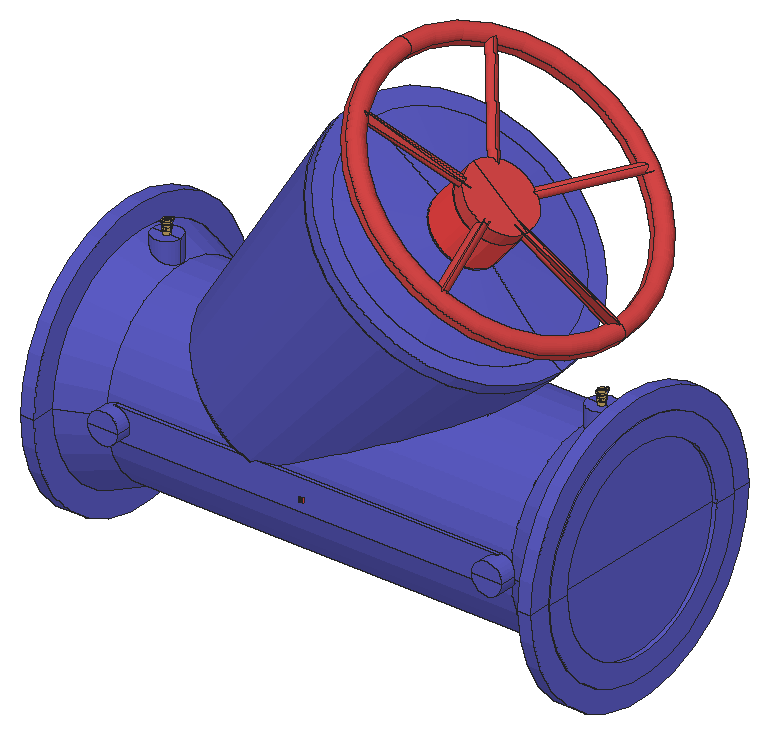
Revit family "HERZ Strömax Балансировочный клапан с измерительными клапанами, шпиндель наклонный 4218 GF PN16", category Rohrzubehör, Revit 2019
Family settings
  Bemaßung runder Anschluss = Durchmesser verwenden
  Teiletyp = Unterbricht
  OmniClass-Nummer = 23.65.55.14
  OmniClass-Titel = Valves for Liquid Services
  Arbeitsebenenbasiert = Nein
  Immer vertikal = Ja
  Beim Laden mit Abzugskörper schneiden = Nein
  Gemeinsam genutzt = Nein
Parameters
  Шпиндель = "нержавеющая сталь"  # constant formula
  Среда = "Допускается использование этилен- и пропиленгликоля в концентрации смеси 25-50% объема.\r\nКачество теплоносителя согласно ÖNORM H 5195 и VDI 2035."
  Область применения = "Для гидравлической балансировки в системах отопления или охлаждения, регулирования и перекрытия трубопроводов, стояков, теплообменников, тепловых и холодильных регистров."
  Номер заказа [instance] = size_lookup("4218_GF_16_", "Artnr", 0, Nennweite)  # 1421890
  Мин. рабочая температура = -10 °C  # constant formula
  Макс. рабочее давление = 1600000.0 Pa  # constant formula
  Макс. рабочая температура = 110 °C  # constant formula
  Корпус = "чугун с шаровидным графитом EN-GJS-400-15"  # constant formula
  Исполнение = "Балансировочный  клапан STRÖMAX-GF с измерительными клапанами, DN 350-500, корпус из чугуна с шаровидным графитом GJS 400-15 в соответствии с EN 1561, фланцы в соответствии с EN 1092, PN 16 или PN 25, покрыт синей эмалью.\r\nБукса из чугуна с шаровидным графитом GJS 400-15, с неподнимающимся шпинделем, уплотнение шпинделя с посощью тройных кольцевых уплотнений.\r\nЦифровой лимб указателя настройки."
  Измерение перепада давления = "Балансировочный клапан STRÖMAX GF оборудован двумя измерительными клапанами:\r\nпри использовании соответствующего измерительного прибора можно измерить перепад давления и благодаря этому можно соответственно определить расход."
  Букса = "чугун с шаровидным графитом EN-GJS-400-15"  # constant formula
  kvs-значения [instance] = if(Nennweite = 350.00 mm, 2917.6, if(Nennweite = 400.00 mm, 3854.8, if(Nennweite = 500.00 mm, 5250.6, 0)))  # 3854.8
  Счетное устройство = "пластмасса"  # constant formula
  W02 = 60.00°  # constant formula
  W01 = 50.00°  # constant formula
  Кегель клапана = "чугун с шаровидным графитом EN-GJS-400-15 согласно EN 1561 / EPDM с покрытием"  # constant formula
  S01 [instance] = Nennweite + 10.00 mm  # 410.00 mm
  Регулирующий шпиндель = "нержавеющая сталь"  # constant formula
  O-Ring = "EPDM"  # constant formula
  L04 [instance] = size_lookup("4218_GF_16_", "L4", 1.00 mm, Nennweite)  # 229.00 mm
  H11 = 85.00 mm  # constant formula
  H10 [instance] = H07 + H03  # 629.50 mm
  H08 = 47.00 mm  # constant formula
  H07 = 50.00 mm  # constant formula
  H06 = 27.00 mm  # constant formula
  H05 [instance] = H04 + 25.00 mm  # 516.00 mm
  H04 [instance] = size_lookup("4218_GF_16_", "H4", 1.00 mm, Nennweite)  # 491.00 mm
  H03 [instance] = size_lookup("4218_GF_16_", "H3", 1.00 mm, Nennweite)  # 579.50 mm
  Вес [instance] = if(Nennweite = 350.00 mm, "536.0 kg", if(Nennweite = 400.00 mm, "547.0 kg", if(Nennweite = 500.00 mm, "968.0 kg", "0")))  # "547.0 kg"
  URL = "www.herz-armaturen.ru"
  SCRNSEQ = "ARM;ARM_TYP=\"STRV\";2"
  SCRNCODE = "05;07;02"  # constant formula
  R02 [instance] = size_lookup("4218_GF_16_", "R2", 1.00 mm, Nennweite)  # 30.00 mm
  R01 [instance] = size_lookup("4218_GF_16_", "R1", 1.00 mm, Nennweite)  # 32.50 mm
  Nennweite [instance] = 400.00 mm
  L03 [instance] = size_lookup("4218_GF_16_", "L3", 1.00 mm, Nennweite)  # 465.00 mm
  L02 [instance] = size_lookup("4218_GF_16_", "L2", 1.00 mm, Nennweite)  # 410.00 mm
  L01 [instance] = size_lookup("4218_GF_16_", "L1", 1.00 mm, Nennweite)  # 432.50 mm
  L00 [instance] = size_lookup("4218_GF_16_", "L", 1.00 mm, Nennweite)  # 1100.00 mm
  Hersteller = "HERZ Armaturen Ges.m.b.H."  # constant formula
  H09 [instance] = H03  # 579.50 mm
  H02 [instance] = size_lookup("4218_GF_16_", "H2", 1.00 mm, Nennweite)  # 250.00 mm
  H01 [instance] = size_lookup("4218_GF_16_", "H1", 1.00 mm, Nennweite)  # 239.00 mm
  GT = 10.00 mm  # constant formula
  FLL02 [instance] = size_lookup("4218_GF_16_", "FLL2", 1.00 mm, Nennweite)  # 28.00 mm
  FLL01 [instance] = size_lookup("4218_GF_16_", "FLL1", 1.00 mm, Nennweite)  # 4.00 mm
  FLD03 [instance] = size_lookup("4218_GF_16_", "FLD3", 1.00 mm, Nennweite)  # 203.20 mm
  FLD02 [instance] = size_lookup("4218_GF_16_", "FLD2", 1.00 mm, Nennweite)  # 240.00 mm
  FLD01 [instance] = size_lookup("4218_GF_16_", "FLD1", 1.00 mm, Nennweite)  # 245.00 mm
  FLD00 [instance] = size_lookup("4218_GF_16_", "FLD", 1.00 mm, Nennweite)  # 290.00 mm
  DN500 [instance] = Nennweite = 500.00 mm  # no
  DN400 [instance] = Nennweite = 400.00 mm  # yes
  DN350 [instance] = Nennweite = 350.00 mm  # no
  D05 = 75.00 mm  # constant formula
  D04 [instance] = size_lookup("4218_GF_16_", "D4", 1.00 mm, Nennweite)  # 37.50 mm
  D03 [instance] = size_lookup("4218_GF_16_", "D3", 1.00 mm, Nennweite)  # 220.00 mm
  D02 [instance] = D03 - 20.00 mm  # 200.00 mm
  D01 [instance] = size_lookup("4218_GF_16_", "D1", 1.00 mm, Nennweite)  # 285.00 mm
  D00 [instance] = size_lookup("4218_GF_16_", "D", 1.00 mm, Nennweite)  # 218.00 mm
  BH02 [instance] = -BH01  # -32.50 mm
  BH01 [instance] = size_lookup("4218_GF_16_", "BH1", 1.00 mm, Nennweite)  # 32.50 mm
  Anschluss [instance] = Nennweite / 2  # 200.00 mm
Reference planes
  plane 1 "Mitte (Vorne/hinten)": y = 0
  plane 2: z = 0
  plane 3 "Mitte (Links/rechts)": x = 0
Forms (mm)
  Revolve 1, solid, material "Herz-Marineblau", detail levels fine
    sketch origin (1058.943, 0, 0) x (1, 0, 0) y (0, 1, 0)
      loop
        line (-1604.943, 290) -> (-1604.943, 245) -> (-1608.943, 245) -> (-1608.943, 200) -> (-1598.943, 200) -> (-1598.943, 0) -> (-518.943, 0) -> (-518.943, 200) -> (-508.943, 200) -> (-508.943, 245) -> (-512.943, 245) -> (-512.943, 290) -> (-540.943, 290) -> (-540.943, 240) -> (-626.443, 203.2)
        arc (-626.443, 203.2) -> (-1058.943, 218) -> (-1491.443, 203.2) r 6326.868
        line (-1491.443, 203.2) -> (-1576.943, 240) -> (-1576.943, 290) -> (-1604.943, 290)
      axis (-1608.943, 0) -> (-508.943, 0)
    angle from 0 to 360
  Revolve 2, solid, material "Herz-Marineblau", detail levels fine
    sketch origin (0, 0, 0) x (1, 0, 0) y (0, 1, 0)
      loop
        line (-410, 239) -> (-442.5, 239) -> (-442.5, -239) -> (-410, -239) -> (-410, 239)
      axis (-410, 239) -> (-410, -239)
    angle from 0 to 360
  Revolve 3, solid, material "Herz-Marineblau", detail levels fine
    sketch origin (0, 0, 0) x (-1, 0, 0) y (0, 1, 0)
      loop
        line (-410, 239) -> (-442.5, 239) -> (-442.5, -239) -> (-410, -239) -> (-410, 239)
      axis (-410, 239) -> (-410, -239)
    angle from 0 to 360
  Revolve 4, solid, material "Herz-Marineblau", detail levels fine
    sketch origin (0, 0, 0) x (1, 0, 0) y (0, 0, 1)
      loop
        line (-465, 0) -> (-465, 250) -> (-495, 250) -> (-495, 0) -> (-465, 0)
      axis (-465, 250) -> (-465, 0)
    angle from 0 to 360
  Revolve 5, solid, material "Herz-Marineblau", detail levels fine
    sketch origin (0, 0, 0) x (-1, 0, 0) y (0, 0, 1)
      loop
        line (-465, 0) -> (-465, 250) -> (-495, 250) -> (-495, 0) -> (-465, 0)
      axis (-465, 250) -> (-465, 0)
    angle from 0 to 360
  Extrusion 6, solid, material "Herz-Marineblau", visible <- "DN500", detail levels fine
    sketch origin (0, 0, 0) x (1, 0, 0) y (0, 1, 0)
      loop
        arc (-475, -263.998) -> (0, -282.994) -> (475, -263.998) r 5948.094
        line (475, -263.998) -> (475, 263.998)
        arc (475, 263.998) -> (0, 282.994) -> (-475, 263.998) r 5948.094
        line (-475, 263.998) -> (-475, -263.998)
    from -32.5 <- "BH02" to 32.5 <- "BH01"
  Extrusion 7, solid, material "Herz-Marineblau", visible <- "DN400", detail levels fine
    sketch origin (0, 0, 0) x (1, 0, 0) y (0, 1, 0)
      loop
        arc (-410, -209.712) -> (0, -223.005) -> (410, -209.712) r 6329.849
        line (410, -209.712) -> (410, 209.712)
        arc (410, 209.712) -> (0, 223.005) -> (-410, 209.712) r 6329.849
        line (-410, 209.712) -> (-410, -209.712)
    from -32.5 <- "BH02" to 32.5 <- "BH01"
  Extrusion 8, solid, material "Herz-Marineblau", visible <- "DN350", detail levels fine
    sketch origin (0, 0, 0) x (1, 0, 0) y (0, 1, 0)
      loop
        arc (-390, -185.916) -> (0, -255.071) -> (390, -185.916) r 1134.286
        line (390, -185.916) -> (390, 185.916)
        arc (390, 185.916) -> (0, 255.071) -> (-390, 185.916) r 1134.286
        line (-390, 185.916) -> (-390, -185.916)
    from -32.5 <- "BH02" to 32.5 <- "BH01"
  Revolve 9, solid, material "Herz-Marineblau", detail levels fine
    sketch origin (0, 0, 0) x (1, 0, 0) y (0, 0, 1)
      loop
        line (-229, 0) -> (143.495, 443.923) -> (-74.827, 627.117) -> (-340.643, 209.208) -> (-341.392, 177.201) -> (-229, 0)
      axis (-229, 0) -> (143.495, 443.923)
    angle from 0 to 360
  Revolve 10, solid, material "Herz-Marineblau", detail levels fine
    sketch origin (0, 0, 0) x (1, 0, 0) y (0, 0, 1)
      loop
        line (143.495, 443.923) -> (175.635, 482.225) -> (118.181, 530.434) -> (116.253, 528.136)
        arc (116.253, 528.136) -> (45.842, 579.084) -> (-28.745, 623.696) r 995.411
        line (-28.745, 623.696) -> (-57.472, 647.8) -> (-74.827, 627.117) -> (143.495, 443.923)
      axis (175.635, 482.225) -> (143.495, 443.923)
    angle from 0 to 360
  Revolve 11, solid, material "Kunsstoff rot", detail levels fine
    sketch origin (0, 0, 0) x (1, 0, 0) y (0, 0, 1)
      loop
        line (175.635, 482.225) -> (230.272, 547.339) -> (172.818, 595.548) -> (118.181, 530.434) -> (175.635, 482.225)
      axis (230.272, 547.339) -> (175.635, 482.225)
    angle from 0 to 360
Lines and regions (mm)
  model lines, detail levels coarse+medium
    curve 1: line (-550, 0, 290) -> (-550, 0, -290)
    curve 2: line (-550, 0, -290) -> (550, 0, 290)
    curve 3: line (550, 0, 290) -> (550, 0, -290)
    curve 4: line (550, 0, -290) -> (-550, 0, 290)
    curve 5: line (0, 0, 0) -> (334.574, 0, 579.5)
    curve 6: line (157.039, 0, 682) -> (512.11, 0, 477)
    curve 7: line (-550, 290, 0) -> (-550, -290, 0)
    curve 8: line (-550, -290, 0) -> (550, 290, 0)
    curve 9: line (550, 290, 0) -> (550, -290, 0)
    curve 10: line (550, -290, 0) -> (-550, 290, 0)
    curve 11: line (0, 0, 0) -> (334.574, 579.5, 0)
    curve 12: line (157.039, 682, 0) -> (512.11, 477, 0)
Dimensions and locks
  "FLD00": plane 1 "Mitte (Vorne/hinten)" to Revolve 1 sketch curve
  "FLD01": plane 1 "Mitte (Vorne/hinten)" to Revolve 1 sketch curve
  "FLD02": plane 1 "Mitte (Vorne/hinten)" to Revolve 1 sketch curve  (x2)
  "FLD03": plane 1 "Mitte (Vorne/hinten)" to Revolve 1 sketch curve  (x2)
  "GT": Revolve 1 sketch curve to Revolve 1 sketch curve  (x2)
  "FLL01": Revolve 1 sketch curve to Revolve 1 sketch curve  (x2)
  "FLL02": Revolve 1 sketch curve to Revolve 1 sketch curve  (x2)
  equal spacing: Revolve 1 sketch curve, plane 3 "Mitte (Links/rechts)", Revolve 1 sketch curve
  "Anschluss": Revolve 1 sketch curve to plane 1 "Mitte (Vorne/hinten)"
  "Anschluss": plane 1 "Mitte (Vorne/hinten)" to Revolve 1 sketch curve
  "FLD01": Revolve 1 sketch curve to plane 1 "Mitte (Vorne/hinten)"
  "FLD00": Revolve 1 sketch curve to plane 1 "Mitte (Vorne/hinten)"
  "L00": Revolve 1 sketch curve to Revolve 1 sketch curve
  "D00": plane 1 "Mitte (Vorne/hinten)" to Revolve 1 sketch curve
  "L01": Revolve 1 sketch curve to plane 3 "Mitte (Links/rechts)" to Revolve 1 sketch curve
  "L02": Revolve 2 sketch curve to plane 3 "Mitte (Links/rechts)"
  "R01": Revolve 2 sketch curve to Revolve 2 sketch curve
  "H01": Revolve 2 sketch curve to plane 1 "Mitte (Vorne/hinten)" to Revolve 2 sketch curve
  "L02": plane 3 "Mitte (Links/rechts)" to Revolve 3 sketch curve
  "R01": Revolve 3 sketch curve to Revolve 3 sketch curve
  "H01": Revolve 3 sketch curve to plane 1 "Mitte (Vorne/hinten)" to Revolve 3 sketch curve
  "L03": plane 3 "Mitte (Links/rechts)" to Revolve 4 sketch curve
  "R02": Revolve 4 sketch curve to Revolve 4 sketch curve
  "H02": Revolve 4 sketch curve to plane 2
  "R02": Revolve 5 sketch curve to Revolve 5 sketch curve
  "L03": Revolve 5 sketch curve to plane 3 "Mitte (Links/rechts)"
  "H02": Revolve 5 sketch curve to plane 2
  "L03": plane 3 "Mitte (Links/rechts)" to nested 1
  "L03": nested 2 to plane 3 "Mitte (Links/rechts)"
  "H02": nested 1 to plane 2
  "H02": nested 2 to plane 2
  "FLD00": curve 4 to plane 2 to curve 2
  "FLD00": curve 3 to plane 2 to curve 4
  equal spacing: curve 1, plane 3 "Mitte (Links/rechts)", curve 3
  "L00": curve 1 to curve 3
  "H09": curve 5 to plane 2
  equal spacing: curve 1, curve 5, curve 3
  equal spacing: curve 6, curve 5, curve 6
  "S01": curve 6 to curve 6
  "FLD00": curve 8 to plane 1 "Mitte (Vorne/hinten)" to curve 10
  "FLD00": curve 10 to plane 1 "Mitte (Vorne/hinten)" to curve 9
  equal spacing: curve 7, plane 3 "Mitte (Links/rechts)", curve 9
  "L00": curve 7 to curve 9
  equal spacing: curve 7, curve 11, curve 9
  "H09": plane 1 "Mitte (Vorne/hinten)" to curve 11
  equal spacing: curve 12, curve 11, curve 12
  "S01": curve 12 to curve 12
  "L04": plane 3 "Mitte (Links/rechts)" to Revolve 9 sketch curve  (x2)
  "H03": Revolve 9 sketch curve to Revolve 9 sketch curve
  "D02": Revolve 9 sketch curve to Revolve 9 sketch curve
  "H05": Revolve 9 sketch curve to Revolve 9 sketch curve
  "H04": Revolve 9 sketch curve to Revolve 9 sketch curve
  "D03": Revolve 9 sketch curve to Revolve 9 sketch curve
  "H03": Revolve 10 sketch curve to Revolve 10 sketch curve
  "D01": Revolve 10 sketch curve to Revolve 10 sketch curve  (x2)
  "D04": Revolve 10 sketch curve to Revolve 10 sketch curve
  "D05": Revolve 10 sketch curve to Revolve 10 sketch curve
  "H06": Revolve 9 to Revolve 10 sketch curve
  "H07": Revolve 9 to Revolve 10 sketch curve
  "H08": Revolve 9 to Revolve 10 sketch curve
  "L04": plane 3 "Mitte (Links/rechts)" to Revolve 10 sketch curve
  "D01": Revolve 9 sketch curve to Revolve 9 sketch curve
  "L04": plane 3 "Mitte (Links/rechts)" to Revolve 11 sketch curve
  "H11": Revolve 10 to Revolve 11 sketch curve
  "D05": Revolve 11 sketch curve to Revolve 11 sketch curve  (x2)
  "H10": Revolve 11 sketch curve to Revolve 11 sketch curve
  "W02": angle plane 2 to curve 5
  "W02": angle plane 1 "Mitte (Vorne/hinten)" to curve 11
  "W01": angle plane 2 to Revolve 9 sketch curve  (x2)
  "W01": angle plane 2 to Revolve 10 sketch curve  (x2)
  "W01": angle plane 2 to Revolve 11 sketch curve  (x2)
  aligned and locked: level to plane 2
Automatic sketch dimensions
  Extrusion 6 sketch curve to plane 3 "Mitte (Links/rechts)" = 0.00 mm  (x2)
  plane 1 "Mitte (Vorne/hinten)" to Extrusion 6 sketch curve = 263.998 mm
  Extrusion 6 sketch curve to plane 3 "Mitte (Links/rechts)" = 475.00 mm
  Extrusion 6 sketch curve to Extrusion 6 sketch curve = 5401.102 mm
  Extrusion 6 sketch curve to plane 1 "Mitte (Vorne/hinten)" = 5665.10 mm
  Extrusion 6 sketch curve to plane 1 "Mitte (Vorne/hinten)" = 263.998 mm  (x2)
  Extrusion 7 sketch curve to plane 3 "Mitte (Links/rechts)" = 0.00 mm  (x2)
  plane 1 "Mitte (Vorne/hinten)" to Extrusion 7 sketch curve = 209.712 mm  (x2)
  Extrusion 7 sketch curve to plane 3 "Mitte (Links/rechts)" = 410.00 mm
  Extrusion 7 sketch curve to Extrusion 7 sketch curve = 5897.131 mm
  Extrusion 7 sketch curve to plane 1 "Mitte (Vorne/hinten)" = 6106.844 mm
  Extrusion 7 sketch curve to plane 1 "Mitte (Vorne/hinten)" = 209.712 mm
  Extrusion 8 sketch curve to plane 3 "Mitte (Links/rechts)" = 0.00 mm  (x2)
  plane 1 "Mitte (Vorne/hinten)" to Extrusion 8 sketch curve = 185.916 mm
  Extrusion 8 sketch curve to plane 3 "Mitte (Links/rechts)" = 390.00 mm
  Extrusion 8 sketch curve to Extrusion 8 sketch curve = 693.298 mm
  Extrusion 8 sketch curve to plane 1 "Mitte (Vorne/hinten)" = 879.214 mm
  Extrusion 8 sketch curve to plane 1 "Mitte (Vorne/hinten)" = 185.916 mm  (x2)
  plane 1 "Mitte (Vorne/hinten)" to Revolve 1 sketch curve = 0.00 mm  (x2)
  Revolve 1 sketch curve to Revolve 1 sketch curve = 35.00 mm
  Revolve 1 sketch curve to Revolve 1 sketch curve = 40.00 mm
  Revolve 2 sketch curve to Revolve 2 sketch curve = 0.00 mm  (x3)
  Revolve 3 sketch curve to Revolve 3 sketch curve = 0.00 mm  (x3)
  Revolve 4 sketch curve to level = 0.00 mm  (x2)
  Revolve 4 sketch curve to Revolve 4 sketch curve = 0.00 mm  (x2)
  Revolve 5 sketch curve to level = 0.00 mm  (x2)
  Revolve 5 sketch curve to Revolve 5 sketch curve = 0.00 mm  (x2)
  Revolve 9 sketch curve to level = 0.00 mm  (x2)
  Revolve 10 sketch curve to level = 0.00 mm
  Revolve 10 sketch curve to level = 252.062 mm
  Revolve 11 sketch curve to level = 0.00 mm
Nested families
  nested 1: "Messstutzen_Band_Eintritt_senkrecht_(oben)" at (-465, 0, 241), type "Messstutzen_Band_Eintritt_senkrecht_(oben)", detail levels fine
    with Schutzkappe yes, Nennweite 0.00 mm, Gewicht 0.00 kg, Bestellnummer 0
  nested 2: "Messstutzen_Band_Austritt_senkrecht_(oben)" at (465, 0, 241), type "Messstutzen_Band_Austritt_senkrecht_(oben)", detail levels fine
    with Schutzkappe yes, Nennweite 0.00 mm, Gewicht 0.00 kg, Bestellnummer 0
  nested 3: "Herz-Logo-vorne" at (0, -282.994, 0) x (0, 1, 0) z (0, 0, 1), visible <- "DN500", type "Herz-Logo-vorne", detail levels fine
  nested 4: "Herz-Logo-vorne" at (0, -221.503, 0) x (0, 1, 0) z (0, 0, 1), visible <- "DN400", type "Herz-Logo-vorne", detail levels fine
  nested 5: "Herz-Logo-vorne" at (0, -255.053, 0) x (0, 1, 0) z (0, 0, 1), visible <- "DN350", type "Herz-Logo-vorne", detail levels fine
  nested 6: "Strangregulierventil-Handrad_VOLL-Schräg (Rot) DN350-DN400" at (211.704, 0, 501.376), visible <- "DN350", type "Strangregulierventil-Handrad_VOLL-Schräg (Rot) DN350-DN400"
    with DN300 yes
  nested 7: "Strangregulierventil-Handrad_VOLL-Schräg (Rot) DN350-DN400" at (230.272, 0, 547.339), visible <- "DN400", type "Strangregulierventil-Handrad_VOLL-Schräg (Rot) DN350-DN400"
    with DN300 yes
  nested 8: "Strangregulierventil-Handrad_VOLL-Schräg (Rot) DN500" at (262.637, 0, 616.896), visible <- "DN500", type "Strangregulierventil-Handrad_VOLL-Schräg (Rot) DN500", detail levels fine
    with DN300 yes
Connectors
  piping at (-550, 0, 0), diameter 400, driven by "Nennweite"
    settings: on Revolve 1, index 1, connector inside diameter 609.6 mm, connector length 0.00 mm, flow factor 0, pipe flow 0.0 L/s, pressure drop 0.0 Pa, fitting loss kfactor 0, connector angle 0.00°, fixture units 0, engagement length 0.00 mm, angle of deflection 0.00°, flow configuration 0, flow direction 1, fitting loss method 0, system type 29, joint type 0, gender type 0, connector reference index -1, connector utility 0, adjustable connector no, is connector primary yes, connector description ""
  piping at (550, 0, 0), diameter 400, driven by "Nennweite"
    settings: on Revolve 1, index 2, connector inside diameter 609.6 mm, connector length 0.00 mm, flow factor 0, pipe flow 0.0 L/s, pressure drop 0.0 Pa, fitting loss kfactor 0, connector angle 0.00°, fixture units 0, engagement length 0.00 mm, angle of deflection 0.00°, flow configuration 0, flow direction 2, fitting loss method 0, system type 29, joint type 0, gender type 0, connector reference index -1, connector utility 0, adjustable connector no, is connector primary no, connector description ""
Definition of nested family "Messstutzen_Band_Eintritt_senkrecht_(oben)"
  Parameters (values of type "Messstutzen_Band_Eintritt_senkrecht_(oben)")
    URL = "www.herz-armaturen.at"
    Schutzkappe [instance] = yes
    Nennweite [instance] = 0.00 mm
    Manufacturer = "Herz Armaturen GmbH"  # constant formula
    Gewicht [instance] = 0.00 kg
    Bestellnummer [instance] = 0
  Reference planes
    plane 1 "Mitte (Vorne/hinten)": y = 0
    plane 2: z = 0
    plane 3 "Mitte (Links/rechts)": x = 0
    plane 4 "Schlaufe 1": z = -27
    plane 5 "Schlaufe 2": z = -31.678
  Forms (mm)
    Revolve 1, solid, detail levels fine
      sketch origin (0, 0, 0) x (1, 0, 0) y (0, 0, 1)
        loop
          line (-7.4, 9) -> (-5.55, 9) -> (-5.55, 6)
          arc (-5.55, 6) -> (-5.626, 5.617) -> (-5.843, 5.293) r 1
          line (-5.843, 5.293) -> (-6.455, 4.681) -> (-6.455, 0.9) -> (-5.555, 0) -> (-2, 0) -> (-2, 17.5) -> (-8.4, 17.5)
          arc (-8.4, 17.5) -> (-7.693, 17.207) -> (-7.4, 16.5) r 1
          line (-7.4, 16.5) -> (-7.4, 9)
        loop
          line (-3.7, 27) -> (-7.3, 27) -> (-7.9, 26.4) -> (-7.9, 23) -> (-2, 23) -> (-2, 35.8) -> (-3.805, 35.8) -> (-4.415, 35.19) -> (-4.415, 30.863) -> (-3.7, 30.45) -> (-3.7, 27)
        axis (0, 0) -> (0, 35.8)
      angle from 0 to 360
    Extrusion 2, solid, detail levels fine
      sketch origin (0, 0, 17.5) x (0, 1, 0) y (-1, 0, 0)
        loop
          arc (-7.07, 5.156) -> (-7.578, 4.375) -> (-8, 3.544) r 8.75
          line (-8, 3.544) -> (-8, -3.544)
          arc (-8, -3.544) -> (-7.578, -4.375) -> (-7.07, -5.156) r 8.75
          line (-7.07, -5.156) -> (-0.93, -8.7)
          arc (-0.93, -8.7) -> (0, -8.75) -> (0.93, -8.7) r 8.75
          line (0.93, -8.7) -> (7.07, -5.156)
          arc (7.07, -5.156) -> (7.578, -4.375) -> (8, -3.544) r 8.75
          line (8, -3.544) -> (8, 3.544)
          arc (8, 3.544) -> (7.578, 4.375) -> (7.07, 5.156) r 8.75
          line (7.07, 5.156) -> (0.93, 8.7)
          arc (0.93, 8.7) -> (0, 8.75) -> (-0.93, 8.7) r 8.75
          line (-0.93, 8.7) -> (-7.07, 5.156)
      from 0 to 5.5
    Revolve 3, solid, visible <- "Schutzkappe", detail levels fine
      sketch origin (0, 0, 0) x (1, 0, 0) y (0, 0, 1)
        loop
          line (0, 35.878) -> (0, 36.678) -> (-7, 36.678) -> (-7, 33.378) -> (-6.1, 33.378) -> (-6.1, 31.678) -> (-6.9, 31.678) -> (-6.9, 30.178) -> (-4.415, 30.178) -> (-4.415, 35.268) -> (-3.805, 35.878) -> (0, 35.878)
        axis (0, 30.178) -> (0, 36.678)
      angle from 0 to 360
    Extrusion 4, solid, detail levels fine
      sketch origin (0, 0, 28.5) x (1, 0, 0) y (0, 1, 0)
        loop
          circle (0, 0) r 3.7
        loop
          arc (-3.906, 5.505) -> (0, -6.75) -> (3.906, 5.505) r 6.75
          arc (3.906, 5.505) -> (2.358, 7.288) -> (1.8, 9.582) r 5
          line (1.8, 9.582) -> (-1.8, 9.582)
          arc (-1.8, 9.582) -> (-2.358, 7.288) -> (-3.906, 5.505) r 5
      from 0 to -1.5
    Extrusion 5, solid, detail levels fine
      sketch origin (0, 0, 33.178) x (1, 0, 0) y (0, 1, 0)
        loop
          circle (0, 0) r 6.1
        loop
          arc (-4.495, 8.652) -> (0, -9.75) -> (4.495, 8.652) r 9.75
          arc (4.495, 8.652) -> (2.527, 10.493) -> (1.8, 13.089) r 5
          line (1.8, 13.089) -> (-1.8, 13.089)
          arc (-1.8, 13.089) -> (-2.527, 10.493) -> (-4.495, 8.652) r 5
      from 0 to -1.5
    Sweep 6, solid, detail levels fine
      path origin (0, 0, 0) x (0, 0, -1) y (0, -1, 0)
        loop
          line (-27.75, -9.582) -> (-27.75, -14.522)
          arc (-27.75, -14.522) -> (-30.089, -16.862) -> (-32.428, -14.522) r 2.339
          line (-32.428, -14.522) -> (-32.428, -13.089)
      profile origin (0, 12.052, 27.75) x (0, 0, 1) y (1, 0, 0)
        loop
          line (-0.75, -1.8) -> (0.75, -1.8) -> (0.75, 1.8) -> (-0.75, 1.8) -> (-0.75, -1.8)
  Dimensions and locks
    aligned and locked: level to plane 2
Definition of nested family "Messstutzen_Band_Austritt_senkrecht_(oben)"
  Parameters (values of type "Messstutzen_Band_Austritt_senkrecht_(oben)")
    URL = "www.herz-armaturen.at"
    Schutzkappe [instance] = yes
    Nennweite [instance] = 0.00 mm
    Manufacturer = "Herz Armaturen GmbH"  # constant formula
    Gewicht [instance] = 0.00 kg
    Bestellnummer [instance] = 0
  Reference planes
    plane 1 "Mitte (Vorne/hinten)": y = 0
    plane 2: z = 0
    plane 3 "Mitte (Links/rechts)": x = 0
    plane 4 "Schlaufe 1": z = -27
    plane 5 "Schlaufe 2": z = -31.678
  Forms (mm)
    Revolve 1, solid, detail levels fine
      sketch origin (0, 0, 0) x (1, 0, 0) y (0, 0, 1)
        loop
          line (-7.4, 9) -> (-5.55, 9) -> (-5.55, 6)
          arc (-5.55, 6) -> (-5.626, 5.617) -> (-5.843, 5.293) r 1
          line (-5.843, 5.293) -> (-6.455, 4.681) -> (-6.455, 0.9) -> (-5.555, 0) -> (-2, 0) -> (-2, 17.5) -> (-8.4, 17.5)
          arc (-8.4, 17.5) -> (-7.693, 17.207) -> (-7.4, 16.5) r 1
          line (-7.4, 16.5) -> (-7.4, 9)
        loop
          line (-3.7, 27) -> (-7.3, 27) -> (-7.9, 26.4) -> (-7.9, 23) -> (-2, 23) -> (-2, 35.8) -> (-3.805, 35.8) -> (-4.415, 35.19) -> (-4.415, 30.863) -> (-3.7, 30.45) -> (-3.7, 27)
        axis (0, 0) -> (0, 35.8)
      angle from 0 to 360
    Extrusion 2, solid, detail levels fine
      sketch origin (0, 0, 17.5) x (0, 1, 0) y (-1, 0, 0)
        loop
          arc (-7.07, 5.156) -> (-7.578, 4.375) -> (-8, 3.544) r 8.75
          line (-8, 3.544) -> (-8, -3.544)
          arc (-8, -3.544) -> (-7.578, -4.375) -> (-7.07, -5.156) r 8.75
          line (-7.07, -5.156) -> (-0.93, -8.7)
          arc (-0.93, -8.7) -> (0, -8.75) -> (0.93, -8.7) r 8.75
          line (0.93, -8.7) -> (7.07, -5.156)
          arc (7.07, -5.156) -> (7.578, -4.375) -> (8, -3.544) r 8.75
          line (8, -3.544) -> (8, 3.544)
          arc (8, 3.544) -> (7.578, 4.375) -> (7.07, 5.156) r 8.75
          line (7.07, 5.156) -> (0.93, 8.7)
          arc (0.93, 8.7) -> (0, 8.75) -> (-0.93, 8.7) r 8.75
          line (-0.93, 8.7) -> (-7.07, 5.156)
      from 0 to 5.5
    Revolve 3, solid, visible <- "Schutzkappe", detail levels fine
      sketch origin (0, 0, 0) x (1, 0, 0) y (0, 0, 1)
        loop
          line (0, 35.878) -> (0, 36.678) -> (-7, 36.678) -> (-7, 33.378) -> (-6.1, 33.378) -> (-6.1, 31.678) -> (-6.9, 31.678) -> (-6.9, 30.178) -> (-4.415, 30.178) -> (-4.415, 35.268) -> (-3.805, 35.878) -> (0, 35.878)
        axis (0, 30.178) -> (0, 36.678)
      angle from 0 to 360
    Extrusion 4, solid, detail levels fine
      sketch origin (0, 0, 28.5) x (1, 0, 0) y (0, 1, 0)
        loop
          circle (0, 0) r 3.7
        loop
          arc (-3.906, 5.505) -> (0, -6.75) -> (3.906, 5.505) r 6.75
          arc (3.906, 5.505) -> (2.358, 7.288) -> (1.8, 9.582) r 5
          line (1.8, 9.582) -> (-1.8, 9.582)
          arc (-1.8, 9.582) -> (-2.358, 7.288) -> (-3.906, 5.505) r 5
      from 0 to -1.5
    Extrusion 5, solid, detail levels fine
      sketch origin (0, 0, 33.178) x (1, 0, 0) y (0, 1, 0)
        loop
          circle (0, 0) r 6.1
        loop
          arc (-4.495, 8.652) -> (0, -9.75) -> (4.495, 8.652) r 9.75
          arc (4.495, 8.652) -> (2.527, 10.493) -> (1.8, 13.089) r 5
          line (1.8, 13.089) -> (-1.8, 13.089)
          arc (-1.8, 13.089) -> (-2.527, 10.493) -> (-4.495, 8.652) r 5
      from 0 to -1.5
    Sweep 6, solid, detail levels fine
      path origin (0, 0, 0) x (0, 0, -1) y (0, -1, 0)
        loop
          line (-27.75, -9.582) -> (-27.75, -14.522)
          arc (-27.75, -14.522) -> (-30.089, -16.862) -> (-32.428, -14.522) r 2.339
          line (-32.428, -14.522) -> (-32.428, -13.089)
      profile origin (0, 12.052, 27.75) x (0, 0, 1) y (1, 0, 0)
        loop
          line (-0.75, -1.8) -> (0.75, -1.8) -> (0.75, 1.8) -> (-0.75, 1.8) -> (-0.75, -1.8)
  Dimensions and locks
    aligned and locked: level to plane 2
Definition of nested family "Herz-Logo-vorne"
  Reference planes
    plane 1 "Mitte (Vorne/hinten)": y = 0
    plane 2: z = 0
    plane 3 "Mitte (Links/rechts)": x = 0
  Forms (mm)
    Extrusion 1, solid
      sketch origin (0.732, -0.018, 0.017) x (0, -1, 0) y (0, 0, 1)
        loop
          line (-0.018, -4.517) -> (4.482, -4.517) -> (4.482, 4.483) -> (-4.518, 4.483) -> (-4.518, -4.517) -> (-0.018, -4.517)
        loop
          line (-0.05, -3.48) -> (3.482, -3.48) -> (3.482, 3.483) -> (-3.518, 3.483) -> (-3.518, -3.48) -> (-0.05, -3.48)
        loop
          arc (-0.018, 2.383) -> (-1.543, 3.287) -> (-3.067, 2.383) r 1.738
          arc (-3.067, 2.383) -> (-3.191, 1.899) -> (-3.067, 1.415) r 1.009
          line (-3.067, 1.415) -> (-0.018, -3.281) -> (3.032, 1.415)
          arc (3.032, 1.415) -> (3.156, 1.899) -> (3.032, 2.383) r 1.009
          arc (3.032, 2.383) -> (1.507, 3.287) -> (-0.018, 2.383) r 1.738
        loop
          arc (1.885, 1.272) -> (2.005, 1.675) -> (1.885, 2.079) r 0.74
          arc (1.885, 2.079) -> (1.265, 2.416) -> (0.644, 2.079) r 0.74
          line (0.644, 2.079) -> (-0.018, 0.97) -> (-0.679, 2.079)
          arc (-0.679, 2.079) -> (-1.3, 2.416) -> (-1.921, 2.079) r 0.74
          arc (-1.921, 2.079) -> (-2.04, 1.675) -> (-1.921, 1.272) r 0.74
          line (-1.921, 1.272) -> (-0.018, -1.658) -> (1.885, 1.272)
      from 0 to 1.5
  Dimensions and locks
    aligned and locked: level to plane 2
Definition of nested family "Strangregulierventil-Handrad_VOLL-Schräg (Rot) DN350-DN400"
  Parameters (values of type "Strangregulierventil-Handrad_VOLL-Schräg (Rot) DN350-DN400")
    DN300 [instance] = yes
  Reference planes
    plane 1 "Mitte (Vorne/hinten)": y = 0
    plane 2: z = 0
    plane 3 "Mitte (Links/rechts)": x = 0
  Forms (mm)
    Revolve 1, solid, detail levels fine
      sketch origin (0, 0, 0) x (0.766044, 0, -0.642788) y (0.642788, 0, 0.766044)
        loop
          line (0, 0) -> (0, 30) -> (-75, 30) -> (-75, 0) -> (0, 0)
        loop
          line (-316.85, 58.85) -> (-316.85, 42.85) -> (-280.85, 42.85) -> (-280.85, 58.85)
          arc (-280.85, 58.85) -> (-298.85, 76.85) -> (-316.85, 58.85) r 18
        axis (0, 58.85) -> (0, 0)
      angle from 0 to 360
    Revolve 2, solid, detail levels fine
      sketch origin (0, 0, 0) x (0.766044, 0, -0.642788) y (0.642788, 0, 0.766044)
        loop
          line (299.245, 74.817) -> (49.107, 26.195) -> (50.831, 16.343) -> (301.153, 65.001) -> (299.245, 74.817)
        axis (50.832, 16.338) -> (301.154, 64.996)
      angle from 0 to 360
    Revolve 3, solid, detail levels fine
      sketch origin (0, 0, 0) x (0.236721, 0.951057, -0.198632) y (0.642788, 0, 0.766044)
        loop
          line (299.245, 74.817) -> (49.107, 26.195) -> (50.831, 16.343) -> (301.153, 65.001) -> (299.245, 74.817)
        axis (50.832, 16.338) -> (301.154, 64.996)
      angle from 0 to 360
    Revolve 4, solid, detail levels fine
      sketch origin (0, 0, 0) x (-0.619743, 0.587785, 0.520026) y (0.642788, 0, 0.766044)
        loop
          line (299.245, 74.817) -> (49.107, 26.195) -> (50.831, 16.343) -> (301.153, 65.001) -> (299.245, 74.817)
        axis (50.832, 16.338) -> (301.154, 64.996)
      angle from 0 to 360
    Revolve 5, solid, detail levels fine
      sketch origin (0, 0, 0) x (-0.619743, -0.587785, 0.520026) y (0.642788, 0, 0.766044)
        loop
          line (299.245, 74.817) -> (49.107, 26.195) -> (50.831, 16.343) -> (301.153, 65.001) -> (299.245, 74.817)
        axis (50.832, 16.338) -> (301.154, 64.996)
      angle from 0 to 360
    Revolve 6, solid, detail levels fine
      sketch origin (0, 0, 0) x (0.236721, -0.951057, -0.198632) y (0.642788, 0, 0.766044)
        loop
          line (299.245, 74.817) -> (49.107, 26.195) -> (50.831, 16.343) -> (301.153, 65.001) -> (299.245, 74.817)
        axis (50.832, 16.338) -> (301.154, 64.996)
      angle from 0 to 360
  Dimensions and locks
    Revolve 1 sketch curve to plane 2 = 255.179 mm
    Revolve 1 sketch curve to Revolve 1 sketch curve = 30.00 mm
    aligned and locked: level to plane 2
Definition of nested family "Strangregulierventil-Handrad_VOLL-Schräg (Rot) DN500"
  Parameters (values of type "Strangregulierventil-Handrad_VOLL-Schräg (Rot) DN500")
    DN300 [instance] = yes
  Reference planes
    plane 1 "Mitte (Vorne/hinten)": y = 0
    plane 2: z = 0
    plane 3 "Mitte (Links/rechts)": x = 0
  Forms (mm)
    Revolve 1, solid, detail levels fine
      sketch origin (0, 0, 0) x (0.766044, 0, -0.642788) y (0.642788, 0, 0.766044)
        loop
          line (0, 0) -> (0, 30) -> (-75, 30) -> (-75, 0) -> (0, 0)
        loop
          circle (-400, 94.75) r 16.85
        axis (0, 94.75) -> (0, 0)
      angle from 0 to 360
    Revolve 2, solid, detail levels fine
      sketch origin (0, 0, 0) x (0.766044, 0, -0.642788) y (0.642788, 0, 0.766044)
        loop
          line (400.44, 94.852) -> (397.067, 109.46) -> (48.97, 25.68) -> (51.251, 14.235) -> (400.44, 94.852)
        axis (51.251, 14.235) -> (400.44, 94.852)
      angle from 0 to 360
    Revolve 3, solid, detail levels fine
      sketch origin (0, 0, 0) x (0.383022, 0.866025, -0.321394) y (0.642788, 0, 0.766044)
        loop
          line (400.44, 94.852) -> (397.067, 109.46) -> (48.97, 25.68) -> (51.251, 14.235) -> (400.44, 94.852)
        axis (51.251, 14.235) -> (400.44, 94.852)
      angle from 0 to 360
    Revolve 4, solid, detail levels fine
      sketch origin (0, 0, 0) x (-0.383022, 0.866025, 0.321394) y (0.642788, 0, 0.766044)
        loop
          line (400.44, 94.852) -> (397.067, 109.46) -> (48.97, 25.68) -> (51.251, 14.235) -> (400.44, 94.852)
        axis (51.251, 14.235) -> (400.44, 94.852)
      angle from 0 to 360
    Revolve 5, solid, detail levels fine
      sketch origin (0, 0, 0) x (-0.766044, 0, 0.642788) y (0.642788, 0, 0.766044)
        loop
          line (400.44, 94.852) -> (397.067, 109.46) -> (48.97, 25.68) -> (51.251, 14.235) -> (400.44, 94.852)
        axis (51.251, 14.235) -> (400.44, 94.852)
      angle from 0 to 360
    Revolve 6, solid, detail levels fine
      sketch origin (0, 0, 0) x (-0.383022, -0.866025, 0.321394) y (0.642788, 0, 0.766044)
        loop
          line (400.44, 94.852) -> (397.067, 109.46) -> (48.97, 25.68) -> (51.251, 14.235) -> (400.44, 94.852)
        axis (51.251, 14.235) -> (400.44, 94.852)
      angle from 0 to 360
    Revolve 7, solid, detail levels fine
      sketch origin (0, 0, 0) x (0.383022, -0.866025, -0.321394) y (0.642788, 0, 0.766044)
        loop
          line (400.44, 94.852) -> (397.067, 109.46) -> (48.97, 25.68) -> (51.251, 14.235) -> (400.44, 94.852)
        axis (51.251, 14.235) -> (400.44, 94.852)
      angle from 0 to 360
  Dimensions and locks
    Revolve 1 sketch curve to Revolve 1 sketch curve = 30.00 mm
    Revolve 1 sketch curve to Revolve 1 sketch curve = 416.85 mm
    Revolve 1 sketch curve to level = 346.548 mm
    Revolve 1 sketch curve to Revolve 1 sketch curve = 75.00 mm
    aligned and locked: level to plane 2
